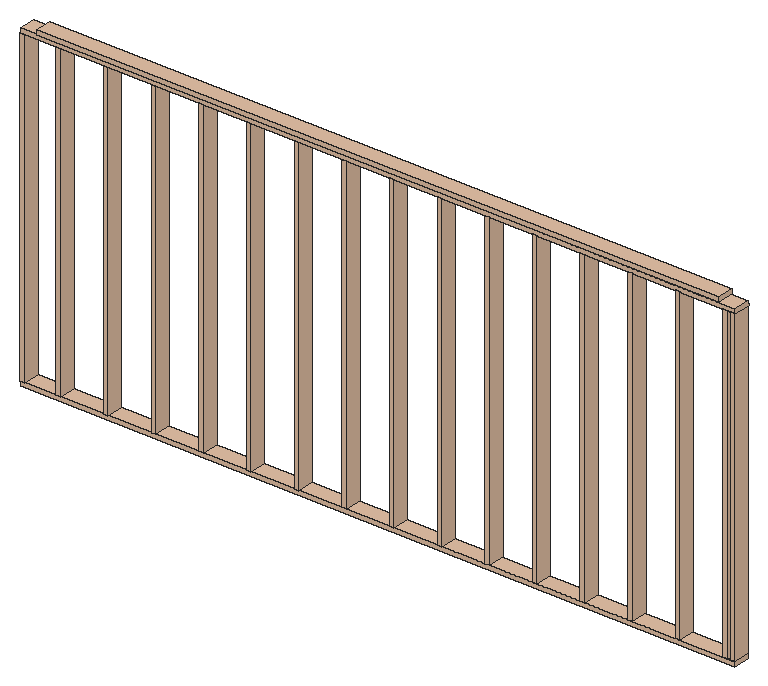
Revit family "Extruded Wall", category Generic Models, host Face, Revit 2021
Family settings
  Host = Face
  Can host rebar = No
  Round Connector Dimension = Use Diameter
  Part Type = Normal
  Cut with Voids When Loaded = No
  Shared = Yes
  Room Calculation Point = No
Parameters (values of type "Extruded Wall 12-6")
  Wall Length [instance] = 20' - 0"
  Wall Height [instance] = 9' - 1 1/8"
  Wall Width [instance] = 0' - 5 1/2"
  Unit ID [instance] = ""
  Through Wall Left [instance] = yes
  TTP = 63' - 0"
  Stud Spacing [instance] = 1' - 4"
  Stud Length [instance] = Wall Height - 0' 4 1/2"  # 8' - 8 5/8"
  Right Top Plate [instance] = if(Through Wall Right, R TP X2, 0' 0")  # 0' - 11"
  Right = 0' - 0"
  R TP X2 [instance] = if(Through Wall Right, Adjacent Wall Right * 2, 0' 0")  # 0' - 11"
  Left Top Plate [instance] = if(Through Wall Left, L TP X2, 0' 0")  # 0' - 11"
  L TP X2 [instance] = if(Through Wall Left, Adjacent Wall Left * 2, 0' 0")  # 0' - 11"
  Is Subcomponent [instance] = yes
  Default Elevation = 4' - 0"
  Center Of 1st Stud [instance] = 1' - 4"
  Lumber Depth [instance] = 0' - 1 1/2"
  Adjacent Wall Right [instance] = 0' - 5 1/2"
  Adjacent Wall Left [instance] = 0' - 5 1/2"
  1st Top Top Plate [instance] = Wall Length + Adjacent Wall Left + Adjacent Wall Right - Left Top Plate - Right Top Plate  # 19' - 1"
  Top Plate [instance] = Wall Length  # 20' - 0"
  Bottom Plate [instance] = Wall Length  # 20' - 0"
  Through Wall Right [instance] = yes
Types (2): name | Wall Length | Unit ID | TTP | Center Of 1st Stud | 1st Top Top Plate | Top Plate | Bottom Plate
  16' | 100' - 0" | "BP1" | 10' - 0" | 1' - 2 1/2" | 99' - 1" | 100' - 0" | 100' - 0"
  Extruded Wall 12-6 | 20' - 0" | "" | 63' - 0" | 1' - 4" | 19' - 1" | 20' - 0" | 20' - 0"
Reference planes (in)
  plane 1 "Center (Front/Back)": y = 0
  plane 2: z = 0
  plane 3 "Left": x = -1.5
  plane 4: z = 1.5
  plane 5: z = 109.125
  plane 6: z = 107.625
  plane 7: z = 106.125
  plane 8: x = -7
  plane 9: x = 4
  plane 10 "Center L/S": x = 238.5
  plane 11: x = 233
  plane 12: x = 244
Text (in)
  text "47" at (737.44213, 0, 123.18774), in view "Front"
  text "40" at (642.67192, 0, 123.18774), in view "Front"
  text "30" at (482.42218, 0, 123.18774), in view "Front"
  text "20" at (320.75621, 0, 123.18774), in view "Front"
  text "10" at (164.00225, 0, 123.18774), in view "Front"
Dimensions and locks (in)
  "Lumber Depth": plane 4 to plane 2
  "Lumber Depth": plane 6 to plane 7
  "Lumber Depth": plane 5 to plane 6
  "Stud Length": plane 7 to plane 4
  plane 5 to host face = 9' - 1 1/8"
  "R TP X2": plane 8 to plane 9
  "Adjacent Wall Right": plane 9 to plane 3 "Left"
  "Adjacent Wall Left": plane 12 to plane 10 "Center L/S"
  "L TP X2": plane 12 to plane 11
  "Wall Length": plane 10 "Center L/S" to plane 3 "Left"
  aligned and locked: plane 2 to host face
  aligned and locked: level to host face
  aligned and locked: plane 10 "Center L/S" to nested 2
  aligned and locked: plane 3 "Left" to nested 4
  aligned and locked: plane 10 "Center L/S" to nested 1
  aligned and locked: plane 3 "Left" to nested 2
  aligned and locked: plane 9 to nested 3
  aligned and locked: plane 11 to nested 3
  aligned and locked: plane 10 "Center L/S" to nested 5
  aligned and locked: plane 3 "Left" to nested 5
Automatic sketch dimensions
  host sketch curve to host sketch curve = 8' - 0"  (x2)
Nested families (in)
  nested 1: "Stud" at (237, 0, 0) x (-1, 0, 0) z (0, 0, 1), Lumber Length <- "Stud Length", Lumber Depth <- "Lumber Depth", Lumber Width <- "Wall Width", type "Stud"
    with Unit ID "ST", built-in parameter 1005500 (empty or 0), Lumber Width 0' - 5 1/2", Lumber Length 8' - 8 5/8", Lumber Dimension "2X6", Lumber Depth 0' - 1 1/2"
  nested 2: "Top Plate" at (-1.5, 0, 106.125) x (-1, 0, 0) z (0, 0, 1), Lumber Depth <- "Lumber Depth", Lumber Width <- "Wall Width", Lumber Length <- "Top Plate", type "Top Plate"
    with Wall ID "", Unit ID "TP1", built-in parameter 1005500 (empty or 0), Lumber Width 0' - 5 1/2", Lumber Length 20' - 0", Lumber Dimension "2X6", Lumber Depth 0' - 1 1/2"
  nested 3: "Top Top Plate" at (4, 0, 107.625) x (-1, 0, 0) z (0, 0, 1), Lumber Depth <- "Lumber Depth", Lumber Width <- "Wall Width", Lumber Length <- "1st Top Top Plate", type "Top Top Plate"
    with Wall ID "", Unit ID "TTP1", built-in parameter 1005500 (empty or 0), Lumber Width 0' - 5 1/2", Lumber Length 19' - 1", Lumber Dimension "2X6", Lumber Depth 0' - 1 1/2"
  nested 4: "Stud" at (0, 0, 0), type "Stud"
    with Unit ID "ST", built-in parameter 1005500 (empty or 0), Lumber Width 0' - 5 1/2", Lumber Length 8' - 8 5/8", Lumber Dimension "2X6", Lumber Depth 0' - 1 1/2"
  nested 5: "Bottom Plate" at (-1.5, 0, 0) x (-1, 0, 0) z (0, 0, 1), Lumber Depth <- "Lumber Depth", Lumber Width <- "Wall Width", Lumber Length <- "Bottom Plate", type "Bottom Plate"
    with Unit ID "BP1", built-in parameter 1005500 (empty or 0), Lumber Width 0' - 5 1/2", Lumber Length 20' - 0", Lumber Dimension "2X6", Lumber Depth 0' - 1 1/2", Is Subcomponent yes
  nested 6: "Stud" at (12, 0, 0), type "Stud"
    with Unit ID "ST", built-in parameter 1005500 (empty or 0), Lumber Width 0' - 5 1/2", Lumber Length 8' - 8 5/8", Lumber Dimension "2X6", Lumber Depth 0' - 1 1/2"
  nested 7: "Stud" at (27.99996, 0, 0), type "Stud"
    with Unit ID "ST", built-in parameter 1005500 (empty or 0), Lumber Width 0' - 5 1/2", Lumber Length 8' - 8 5/8", Lumber Dimension "2X6", Lumber Depth 0' - 1 1/2"
  nested 8: "Stud" at (43.99992, 0, 0), type "Stud"
    with Unit ID "ST", built-in parameter 1005500 (empty or 0), Lumber Width 0' - 5 1/2", Lumber Length 8' - 8 5/8", Lumber Dimension "2X6", Lumber Depth 0' - 1 1/2"
  nested 9: "Stud" at (59.99988, 0, 0), type "Stud"
    with Unit ID "ST", built-in parameter 1005500 (empty or 0), Lumber Width 0' - 5 1/2", Lumber Length 8' - 8 5/8", Lumber Dimension "2X6", Lumber Depth 0' - 1 1/2"
  nested 10: "Stud" at (75.99984, 0, 0), type "Stud"
    with Unit ID "ST", built-in parameter 1005500 (empty or 0), Lumber Width 0' - 5 1/2", Lumber Length 8' - 8 5/8", Lumber Dimension "2X6", Lumber Depth 0' - 1 1/2"
  nested 11: "Stud" at (91.9998, 0, 0), type "Stud"
    with Unit ID "ST", built-in parameter 1005500 (empty or 0), Lumber Width 0' - 5 1/2", Lumber Length 8' - 8 5/8", Lumber Dimension "2X6", Lumber Depth 0' - 1 1/2"
  nested 12: "Stud" at (107.99976, 0, 0), type "Stud"
    with Unit ID "ST", built-in parameter 1005500 (empty or 0), Lumber Width 0' - 5 1/2", Lumber Length 8' - 8 5/8", Lumber Dimension "2X6", Lumber Depth 0' - 1 1/2"
  nested 13: "Stud" at (123.99972, 0, 0), type "Stud"
    with Unit ID "ST", built-in parameter 1005500 (empty or 0), Lumber Width 0' - 5 1/2", Lumber Length 8' - 8 5/8", Lumber Dimension "2X6", Lumber Depth 0' - 1 1/2"
  nested 14: "Stud" at (139.99968, 0, 0), type "Stud"
    with Unit ID "ST", built-in parameter 1005500 (empty or 0), Lumber Width 0' - 5 1/2", Lumber Length 8' - 8 5/8", Lumber Dimension "2X6", Lumber Depth 0' - 1 1/2"
  nested 15: "Stud" at (155.99964, 0, 0), type "Stud"
    with Unit ID "ST", built-in parameter 1005500 (empty or 0), Lumber Width 0' - 5 1/2", Lumber Length 8' - 8 5/8", Lumber Dimension "2X6", Lumber Depth 0' - 1 1/2"
  nested 16: "Stud" at (171.9996, 0, 0), type "Stud"
    with Unit ID "ST", built-in parameter 1005500 (empty or 0), Lumber Width 0' - 5 1/2", Lumber Length 8' - 8 5/8", Lumber Dimension "2X6", Lumber Depth 0' - 1 1/2"
  nested 17: "Stud" at (187.99956, 0, 0), type "Stud"
    with Unit ID "ST", built-in parameter 1005500 (empty or 0), Lumber Width 0' - 5 1/2", Lumber Length 8' - 8 5/8", Lumber Dimension "2X6", Lumber Depth 0' - 1 1/2"
  nested 18: "Stud" at (203.99952, 0, 0), type "Stud"
    with Unit ID "ST", built-in parameter 1005500 (empty or 0), Lumber Width 0' - 5 1/2", Lumber Length 8' - 8 5/8", Lumber Dimension "2X6", Lumber Depth 0' - 1 1/2"
  nested 19: "Stud" at (219.99948, 0, 0), type "Stud"
    with Unit ID "ST", built-in parameter 1005500 (empty or 0), Lumber Width 0' - 5 1/2", Lumber Length 8' - 8 5/8", Lumber Dimension "2X6", Lumber Depth 0' - 1 1/2"
  nested 20: "Stud" at (235.99944, 0, 0), type "Stud"
    with Unit ID "ST", built-in parameter 1005500 (empty or 0), Lumber Width 0' - 5 1/2", Lumber Length 8' - 8 5/8", Lumber Dimension "2X6", Lumber Depth 0' - 1 1/2"
Definition of nested family "Stud"
  Parameters (values of type "Stud")
    Wall ID = ""
    Unit ID [instance] = "ST"
    Structural Material [instance] = none
    Lumber Width [instance] = 0' - 5 1/2"
    Lumber Length [instance] = 8' - 8 5/8"
    Lumber Dimension [instance] = if(Lumber Width = 0' 3 1/2", "2X4", if(Lumber Width = 0' 5 1/2", "2X6", if(Lumber Width = 0' 7 1/2", "2X8", "Blank")))  # "2X6"
    Lumber Depth [instance] = 0' - 1 1/2"
    Default Elevation = 0' - 0"
  Reference planes (in)
    plane 1 "Center (Front/Back)": y = 0
    plane 2: z = 0
    plane 3 "Center (Left/Right)": x = 0
    plane 4: y = -5.5
    plane 5: z = 1.5
    plane 6: z = 106.125
    plane 7: z = 106.125
    plane 8: z = 106.125
    plane 9: z = 106.125
    plane 10: x = -1.5
  Forms (in)
    Extrusion 1, solid, material <- "Structural Material"
      sketch origin (-1.5, 0, 0) x (1, 0, 0) y (0, 1, 0)
        loop
          line (0, 0) -> (0, -5.5) -> (1.5, -5.5) -> (1.5, 0) -> (0, 0)
      from 1.5 to 106.125
  Lines and regions (in)
    model lines
      curve 1: line (0, 0, 106.125) -> (0, 0, 107.625)
      curve 2: line (-0.22717, 0, 106.3664) -> (-1.28783, 0, 107.42706)
      curve 3: line (-1.28783, 0, 106.3664) -> (-0.22717, 0, 107.42706)
      curve 4: line (0, 0, 0) -> (0, 0, 1.5)
      curve 5: line (-0.22717, 0, 0.2414) -> (-1.28783, 0, 1.30206)
      curve 6: line (-1.28783, 0, 0.2414) -> (-0.22717, 0, 1.30206)
  Dimensions and locks (in)
    "Lumber Width": plane 4 to plane 1 "Center (Front/Back)"
    "Lumber Length": plane 9 to plane 5
    plane 5 to plane 2 = 0' - 1 1/2"
    "Lumber Depth": plane 10 to plane 3 "Center (Left/Right)"
    aligned and locked: plane 2 to level
    aligned and locked: plane 4 to Extrusion 1
    aligned and locked: Extrusion 1 to plane 1 "Center (Front/Back)"
    aligned and locked: Extrusion 1 to plane 5
    aligned and locked: plane 9 to Extrusion 1
    aligned and locked: plane 5 to Extrusion 1
    aligned and locked: plane 8 to plane 9
    aligned and locked: plane 10 to Extrusion 1
  Automatic sketch dimensions
    curve 1 to plane 3 "Center (Left/Right)" = 0' - 0"
    curve 4 to level = 0' - 0"
    curve 4 to plane 3 "Center (Left/Right)" = 0' - 0"
    curve 4 to plane 5 = 0' - 0"
    curve 1 to plane 6 = 0' - 0"
    curve 6 to plane 3 "Center (Left/Right)" = 0' - 0.22717"
    curve 5 to plane 3 "Center (Left/Right)" = 0' - 0.22717"
    curve 3 to plane 3 "Center (Left/Right)" = 0' - 0.22717"
    curve 2 to plane 3 "Center (Left/Right)" = 0' - 0.22717"
    plane 10 to curve 6 = 0' - 0.21217"
    plane 10 to curve 2 = 0' - 0.21217"
    plane 10 to curve 3 = 0' - 0.21217"
    plane 10 to curve 5 = 0' - 0.21217"
    level to curve 5 = 0' - 0.2414"
    level to curve 6 = 0' - 0.2414"
    curve 5 to plane 5 = 0' - 0.19794"
    curve 6 to plane 5 = 0' - 0.19794"
    plane 6 to curve 2 = 0' - 0.2414"
    plane 6 to curve 3 = 0' - 0.2414"
    curve 3 to curve 2 = 0' - 1.06066"
    curve 2 to curve 3 = 0' - 1.06066"
    curve 3 to curve 1 = 0' - 0.19794"
    plane 4 to Extrusion 1 sketch curve = 0' - 0"
    Extrusion 1 sketch curve to plane 10 = 0' - 0"
    Extrusion 1 sketch curve to plane 3 "Center (Left/Right)" = 0' - 0"
    plane 1 "Center (Front/Back)" to Extrusion 1 sketch curve = 0' - 0"
Definition of nested family "Top Plate"
  Parameters (values of type "Top Plate")
    Wall ID [instance] = ""
    Unit ID [instance] = ""
    Structural Material [instance] = none
    Lumber Width [instance] = 0' - 5 1/2"
    Lumber Length [instance] = 20' - 0"
    Lumber Dimension [instance] = if(Lumber Width = 0' 3 1/2", "2X4", if(Lumber Width = 0' 5 1/2", "2X6", if(Lumber Width = 0' 7 1/2", "2X8", "Blank")))  # "2X6"
    Lumber Depth [instance] = 0' - 1 1/2"
    Default Elevation = 0' - 0"
  Reference planes (in)
    plane 1 "Center (Front/Back)": y = 0
    plane 2: z = 0
    plane 3 "Center (Left/Right)": x = 0
    plane 4: y = -5.5
    plane 5: x = -240
    plane 6: z = 1.5
  Forms (in)
    Extrusion 1, solid, material <- "Structural Material"
      sketch origin (0, 0, 0) x (0, 1, 0) y (0, 0, 1)
        loop
          line (0, 0) -> (0, 1.5) -> (-5.5, 1.5) -> (-5.5, 0) -> (0, 0)
      from 0 to -240
  Dimensions and locks (in)
    "Lumber Width": plane 4 to plane 1 "Center (Front/Back)"
    "Lumber Length": plane 5 to plane 3 "Center (Left/Right)"
    "Lumber Depth": plane 6 to plane 2
    aligned and locked: plane 2 to level
    aligned and locked: plane 4 to Extrusion 1  (x3)
    aligned and locked: Extrusion 1 to plane 1 "Center (Front/Back)"  (x2)
    aligned and locked: plane 5 to Extrusion 1  (x3)
    aligned and locked: Extrusion 1 to plane 3 "Center (Left/Right)"  (x3)
    aligned and locked: plane 6 to Extrusion 1
    aligned and locked: plane 1 "Center (Front/Back)" to Extrusion 1
  Automatic sketch dimensions
    Extrusion 1 sketch curve to level = 0' - 0"
    Extrusion 1 sketch curve to plane 4 = 0' - 0"
    Extrusion 1 sketch curve to plane 1 "Center (Front/Back)" = 0' - 0"
    Extrusion 1 sketch curve to Extrusion 1 sketch curve = 0' - 1 1/2"
Definition of nested family "Top Top Plate"
  Parameters (values of type "Top Top Plate")
    Wall ID [instance] = ""
    Unit ID [instance] = ""
    Structural Material [instance] = none
    Lumber Width [instance] = 0' - 5 1/2"
    Lumber Length [instance] = 20' - 0"
    Lumber Dimension [instance] = if(Lumber Width = 0' 3 1/2", "2X4", if(Lumber Width = 0' 5 1/2", "2X6", if(Lumber Width = 0' 7 1/2", "2X8", "Blank")))  # "2X6"
    Lumber Depth [instance] = 0' - 1 1/2"
    Default Elevation = 0' - 0"
  Reference planes (in)
    plane 1 "Center (Front/Back)": y = 0
    plane 2: z = 0
    plane 3 "Center (Left/Right)": x = 0
    plane 4: y = -5.5
    plane 5: x = -240
    plane 6: z = 1.5
  Forms (in)
    Extrusion 1, solid, material <- "Structural Material"
      sketch origin (0, 0, 0) x (0, 1, 0) y (0, 0, 1)
        loop
          line (0, 0) -> (0, 1.5) -> (-5.5, 1.5) -> (-5.5, 0) -> (0, 0)
      from 0 to -240
  Dimensions and locks (in)
    "Lumber Width": plane 4 to plane 1 "Center (Front/Back)"
    "Lumber Length": plane 5 to plane 3 "Center (Left/Right)"
    "Lumber Depth": plane 6 to plane 2
    aligned and locked: plane 2 to level
    aligned and locked: plane 4 to Extrusion 1  (x2)
    aligned and locked: Extrusion 1 to plane 1 "Center (Front/Back)"  (x2)
    aligned and locked: Extrusion 1 to plane 3 "Center (Left/Right)"  (x3)
    aligned and locked: plane 5 to Extrusion 1  (x3)
    aligned and locked: plane 6 to Extrusion 1
  Automatic sketch dimensions
    Extrusion 1 sketch curve to level = 0' - 0"
    Extrusion 1 sketch curve to plane 4 = 0' - 0"
    Extrusion 1 sketch curve to plane 1 "Center (Front/Back)" = 0' - 0"
    Extrusion 1 sketch curve to Extrusion 1 sketch curve = 0' - 1 1/2"
Definition of nested family "Bottom Plate"
  Parameters (values of type "Bottom Plate")
    Unit ID [instance] = ""
    Structural Material [instance] = none
    Lumber Width [instance] = 0' - 5 1/2"
    Lumber Length [instance] = 16' - 0"
    Lumber Dimension [instance] = if(Lumber Width = 0' 3 1/2", "2X4", if(Lumber Width = 0' 5 1/2", "2X6", if(Lumber Width = 0' 7 1/2", "2X8", "Blank")))  # "2X6"
    Lumber Depth [instance] = 0' - 1 1/2"
    Is Subcomponent [instance] = yes
    Default Elevation = 0' - 0"
  Reference planes (in)
    plane 1 "Center (Front/Back)": y = 0
    plane 2: z = 0
    plane 3 "Center (Left/Right)": x = 0
    plane 4: y = -5.5
    plane 5: x = -192
    plane 6: z = 1.5
  Forms (in)
    Extrusion 1, solid, material <- "Structural Material"
      sketch origin (0, 0, 0) x (0, 1, 0) y (0, 0, 1)
        loop
          line (0, 0) -> (0, 1.5) -> (-5.5, 1.5) -> (-5.5, 0) -> (0, 0)
      from -192 to 0
  Dimensions and locks (in)
    "Lumber Width": plane 4 to plane 1 "Center (Front/Back)"
    "Lumber Length": plane 5 to plane 3 "Center (Left/Right)"
    "Lumber Depth": plane 6 to plane 2
    aligned and locked: plane 2 to level
    aligned and locked: plane 4 to Extrusion 1
    aligned and locked: Extrusion 1 to plane 1 "Center (Front/Back)"
    aligned and locked: plane 3 "Center (Left/Right)" to Extrusion 1
    aligned and locked: Extrusion 1 to plane 5
    aligned and locked: Extrusion 1 to plane 3 "Center (Left/Right)"
    aligned and locked: plane 6 to Extrusion 1
  Automatic sketch dimensions
    Extrusion 1 sketch curve to level = 0' - 0"
    Extrusion 1 sketch curve to plane 4 = 0' - 0"
    Extrusion 1 sketch curve to plane 1 "Center (Front/Back)" = 0' - 0"
    Extrusion 1 sketch curve to Extrusion 1 sketch curve = 0' - 1 1/2"
